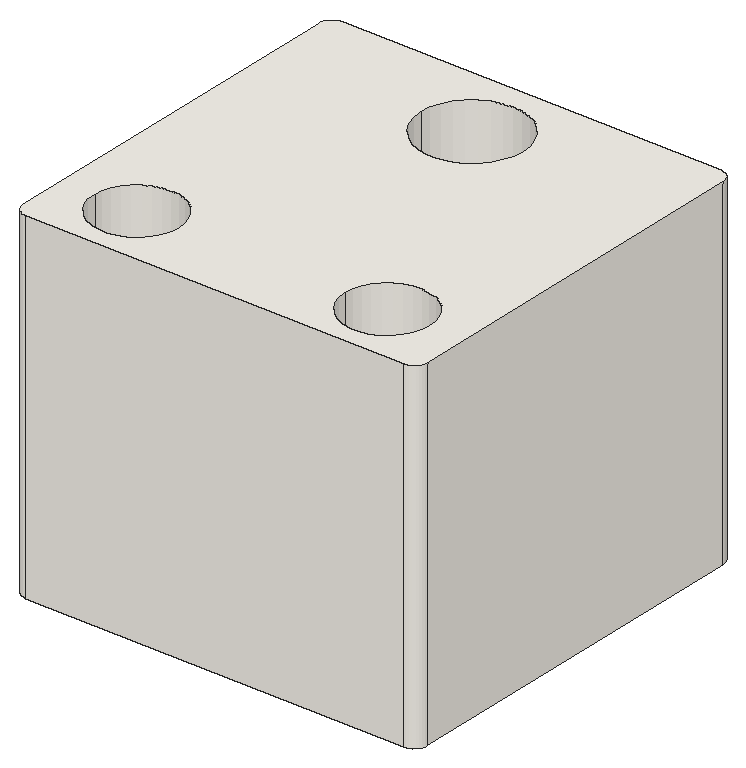
Revit family "Domotics-DomesticRanges-GEWISS-CHORUS_POWER-SOCKET-OUTLET_15A_ENG", category Apparecchi elettrici, host Superficie, Revit 2016
Family settings
  Host = Superficie
  Mantenere orientamento annotazione = Sì
  Tipo di parte = Normale
  Quota connettore circolare = Usa diametro
  Taglio con vuoti quando caricato = Sì
  Condiviso = Sì
  Punto di calcolo locali = Sì
Parameters (values of type "GW14297 - Socket outlet 2M 2P+E 15A uk standard titanium")
  Wiring terminals = "With screw"
  Voltage: = "250 V ac"
  Voltage = "250 V ac"
  Volt = 230 V
  Vista in pianta [instance] = yes
  Version file RFA = "19.0"
  URL = "https://www.gewiss.com/ww/en"
  Tipo = Chorus Prese Eng 15A_GENERICO : GW14297 Presa 2M 2P+T 15A standard Inglese titanio
  Thermo-pressure with ball = "125 °C"
  Terminal tightening capacity rigid cables (mm2) = "min. 0,5 - max. 2x2,5"
  Terminal tightening capacity flexible cables (mm2) = "min. 0,75 - max. 2x4"
  Terminal grip on cable traction = "> 50 N"
  Technical sheet = "https://www.gewiss.com/ww/en/search?q=GW14297"
  TXT ELETTRICO = "15"
  Standard; = "IEC 60884-1"
  Standard: = "British"
  Standard = "UK"
  Simbolo [instance] = yes
  SEO = "Socket outlet"
  Resistance at test voltage = "2000 V at 50 Hz for 1 minute"
  Realized by GEWISS S.p.A. = ""
  Default Elevation = 1219.2 mm
  Prolonged operation (no.of position changes) = "10.000 at In 250 V ac cosØ=0,8"
  Produttore = "GEWISS S.p.A."
  Offset presa [instance] = 0 mm
  Offset bidimensionale [instance] = 2 mm
  No. Chorus modules: = "2"
  No. Chorus modules = "2"
  N. poli = 1
  Modello = "GW14297"
  Insulation resistance = "> 5 MOhm"
  Immagine tipo = GW14297.jpg
  IFC.TypeObject = ""
  IFC.ExportType = ""
  IFC.ExportAs = ""
  IDT = "bb315297-864f-46bd-bb1d-b8419ab8f4ec"
  IDF = "7fc92a14-a9f3-41f2-8c5b-2173d1cdf3f4"
  Glow Wire Test = "850°C"
  For plug pins = "Ø 7 mm"
  Electrocod = "0131"
  EAN code = "8011564266445"
  Distanza_x [instance] = 0 mm
  Distanza_effettiva_x [instance] = 1000 mm - Distanza_x  # 1000 mm
  Descrizione = "SOCKET 2M 2P+E 15A UK STANDARD TITANIUM"
  Description: = "2P+E - 15A"
  Description. = "Socket-outlet"
  Colour = "Titanium"
  Characteristics = "With safety shields"
  Category = "Socket-outlet"
  Catalogue Range = "CHORUS - DOMESTIC RANGE"
  Catalogue = "DOMOTICS"
  Carico apparente = 0 VA
  COBie.Tagnumber = ""
  COBie.CreatedOn = ""
  COBie.CreatebBy = ""
  COBie.ComponentRegisterItemID = ""
  COBie.Component.TagNumber = ""
  COBie.Component.Space = ""
  COBie.Component.SerialNumber = ""
  COBie.Component.InstallationDate = ""
  COBie.Component.Description = ""
  COBie.Component.BarCode = ""
  Breaking capacity: = "1.25 In (100 position changes)"
Types (3, lengths in mm): name | Tipo | Technical sheet | Modello | Immagine tipo | IDT | EAN code | Descrizione | Colour
  GW10297 - Socket outlet 2M 2P+E 15A uk white | Chorus Prese Eng 15A_GENERICO : GW14297 Presa 2M 2P+T 15A standard Inglese titanio | "https://www.gewiss.com/ww/en/search?q=GW10297" | "GW10297" | GW14297.jpg | "90fe132e-886d-4513-b095-7b24fca35318" | "8011564257993" | "S. OUTLET 2M 2P+E 15A UK WHITE" | "White"
  GW12297 - Socket outlet 2M 2P+E 15A uk standard black | Chorus Prese Eng 15A_GENERICO : GW12297 Presa 2M 2P+T 15A standard Inglese nero | "https://www.gewiss.com/ww/en/search?q=GW12297" | "GW12297" | GW12297.jpg | "46d55c2b-21f8-4d8b-8686-089b099d49c4" | "8011564266964" | "SOCKET 2M 2P+E 15A UK STANDARD BLACK" | "Black"
  GW14297 - Socket outlet 2M 2P+E 15A uk standard titanium | Chorus Prese Eng 15A_GENERICO : GW14297 Presa 2M 2P+T 15A standard Inglese titanio | "https://www.gewiss.com/ww/en/search?q=GW14297" | "GW14297" | GW14297.jpg | "bb315297-864f-46bd-bb1d-b8419ab8f4ec" | "8011564266445" | "SOCKET 2M 2P+E 15A UK STANDARD TITANIUM" | "Titanium"
Reference planes
  plane 1 "Centro (Fronte/Retro)": y = 0
  plane 2: z = 0
  plane 3 "Centro (Sinistra/Destra)": x = 0
  plane 4: x = -1000
  plane 5: x = 0
  plane 6: z = 41
  plane 7: z = 0
  plane 8: z = 39
Lines and regions (mm)
  Masking region 1, visible <- "Vista in pianta"
    outline origin (0, 0, 0) x (1, 0, 0) y (0, 1, 0)
      loop
        line (-23, 21) -> (-23, -21)
        arc (-23, -21) -> (-22.561, -22.061) -> (-21.5, -22.5) r 1.5
        line (-21.5, -22.5) -> (21.5, -22.5)
        arc (21.5, -22.5) -> (22.561, -22.061) -> (23, -21) r 1.5
        line (23, -21) -> (23, 21)
        arc (23, 21) -> (22.561, 22.061) -> (21.5, 22.5) r 1.5
        line (21.5, 22.5) -> (-21.5, 22.5)
        arc (-21.5, 22.5) -> (-22.561, 22.061) -> (-23, 21) r 1.5
      loop
        circle (-14.347, -15.701) r 4.831
      loop
        circle (14.199, -15.701) r 4.831
      loop
        circle (-0.074, 14.163) r 5.819
  Masking region 2, visible <- "Vista in pianta"
    outline origin (0, 0, 0) x (1, 0, 0) y (0, 0, 1)
      loop
        line (-23, 39) -> (-23, 0) -> (23, 0) -> (23, 39) -> (-23, 39)
  Masking region 3, visible <- "Vista in pianta"
    outline origin (0, 0, 0) x (0, 1, 0) y (0, 0, 1)
      loop
        line (22.5, 0) -> (22.5, 39) -> (-22.5, 39) -> (-22.5, 0) -> (22.5, 0)
Dimensions and locks
  plane 4 to plane 3 "Centro (Sinistra/Destra)" = 1000 mm
  "Distanza_effettiva_x": plane 4 to plane 5
  "Offset presa": plane 7 to host face
  locked: plane 8 to plane 7 at 39
  "Offset bidimensionale": plane 6 to plane 8
  aligned and locked: plane 2 to host face
  aligned and locked: level to host face
  aligned and locked: plane 5 to nested 1
  aligned and locked: plane 5 to nested 2
  aligned and locked: plane 1 "Centro (Fronte/Retro)" to nested 2
  aligned and locked: plane 7 to nested 2
  aligned and locked: nested 2 to plane 8
  aligned and locked: Masking region 1 sketch curve to nested 2  (x4)
  aligned and locked: plane 6 to import instance
  aligned and locked: Masking region 2 sketch curve to nested 2  (x2)
  aligned and locked: plane 8 to Masking region 2 sketch curve
  aligned and locked: plane 7 to Masking region 2 sketch curve
  aligned and locked: Masking region 3 sketch curve to nested 2  (x2)
  aligned and locked: plane 8 to Masking region 3 sketch curve
  aligned and locked: plane 7 to Masking region 3 sketch curve
Automatic sketch dimensions
  host sketch curve to host sketch curve = 2438.4 mm  (x2)
  Masking region 1 sketch curve to Masking region 1 sketch curve = 1.5 mm  (x4)
  Masking region 1 sketch curve to Masking region 1 sketch curve = 7.153 mm
  Masking region 1 sketch curve to Masking region 1 sketch curve = 5.299 mm  (x2)
  Masking region 1 sketch curve to Masking region 1 sketch curve = 4.831 mm  (x2)
  Masking region 1 sketch curve to Masking region 1 sketch curve = 7.301 mm
  Masking region 1 sketch curve to Masking region 1 sketch curve = 0 mm  (x2)
  Masking region 1 sketch curve to plane 3 "Centro (Sinistra/Destra)" = 0.074 mm
  Masking region 1 sketch curve to plane 1 "Centro (Fronte/Retro)" = 14.163 mm
  Masking region 1 sketch curve to Masking region 1 sketch curve = 5.819 mm
Nested families
  nested 1: "SIMBOLO PRESE" at (0, 100, 0), TESTO ELETTRICO <- "TXT ELETTRICO", SIMBOLO <- "Simbolo", visible <- "Simbolo", type "PRESA"
    with TESTO ELETTRICO "15", SIMBOLO yes, Distanza dal muro 4.208 mm, BORDO ACCESO yes
  nested 2: "Chorus Prese Eng 15A_GENERICO" at (0, 0, 0), type <- "Tipo", type "GW14297 Presa 2M 2P+T 15A standard Inglese titanio", detail levels medium+fine
Connectors
  electrical at (0, 0, 0), driven by "N. poli", driven by "Volt", driven by "Carico apparente"
    settings: on nested 2, index 1, voltage 230 V, apparent load 0 VA, apparent load phase1 0 VA, apparent load phase2 0 VA, apparent load phase3 0 VA, power factor 1, load classification "Altro", number of poles 1, system type 31, power factor state 1, is connector primary yes, connector utility no, sub classification motor no, connector description ""
Definition of nested family "Chorus Prese Eng 15A_GENERICO"
  Parameters (values of type "GW10297 Presa 2M 2P+T 15A standard Inglese bianco")
    Profondità presa = 39 mm
    Finitura Placca British = none
    Altezza da Terra = 750 mm
  Types (3): name
    GW10297 Presa 2M 2P+T 15A standard Inglese bianco
    GW12297 Presa 2M 2P+T 15A standard Inglese nero
    GW14297 Presa 2M 2P+T 15A standard Inglese titanio
  Reference planes
    plane 1 "Centro (Fronte/Retro)": y = 0
    plane 2: z = 0
    plane 3 "Centro (Sinistra/Destra)": x = 0
    plane 4: z = 39
  Forms (mm)
    Extrusion 1, solid, material <- "Finitura Placca British"
      sketch origin (-77.442, -806.244, 7.5) x (1, 0, 0) y (0, 1, 0)
        loop
          arc (55.942, 828.744) -> (54.882, 828.304) -> (54.442, 827.244) r 1.5
          line (54.442, 827.244) -> (54.442, 785.244)
          arc (54.442, 785.244) -> (54.882, 784.183) -> (55.942, 783.744) r 1.5
          line (55.942, 783.744) -> (98.942, 783.744)
          arc (98.942, 783.744) -> (100.003, 784.183) -> (100.442, 785.244) r 1.5
          line (100.442, 785.244) -> (100.442, 827.244)
          arc (100.442, 827.244) -> (100.003, 828.304) -> (98.942, 828.744) r 1.5
          line (98.942, 828.744) -> (55.942, 828.744)
      from 31.5 to -7.5
    Extrusion 2, void
      sketch origin (0, 0, 0) x (1, 0, 0) y (0, 1, 0)
        loop
          circle (-0.074, 14.163) r 5.819
        loop
          circle (-14.347, -15.701) r 4.831
        loop
          circle (14.199, -15.701) r 4.831
      from 29 to 39
  Cuts and joins
    Extrusion 2 cuts Extrusion 1
  Dimensions and locks
    "Profondità presa": plane 4 to level
    aligned and locked: level to plane 2
    aligned and locked: plane 4 to Extrusion 1
    aligned and locked: plane 4 to cut or joined group of Extrusion 1, Extrusion 2
    aligned and locked: cut or joined group of Extrusion 1, Extrusion 2 to plane 4  (x2)
  Automatic sketch dimensions
    Extrusion 1 sketch curve to plane 3 "Centro (Sinistra/Destra)" = 23 mm
    Extrusion 1 sketch curve to Extrusion 1 sketch curve = 1.5 mm  (x3)
    plane 3 "Centro (Sinistra/Destra)" to Extrusion 1 sketch curve = 21.5 mm  (x2)
    plane 1 "Centro (Fronte/Retro)" to Extrusion 1 sketch curve = 22.5 mm
    Extrusion 1 sketch curve to plane 1 "Centro (Fronte/Retro)" = 21 mm
    Extrusion 2 sketch curve to plane 3 "Centro (Sinistra/Destra)" = 0.074 mm
    Extrusion 2 sketch curve to plane 1 "Centro (Fronte/Retro)" = 14.163 mm
    Extrusion 2 sketch curve to Extrusion 2 sketch curve = 5.819 mm
    Extrusion 2 sketch curve to plane 3 "Centro (Sinistra/Destra)" = 14.347 mm
    plane 1 "Centro (Fronte/Retro)" to Extrusion 2 sketch curve = 15.701 mm  (x2)
    Extrusion 2 sketch curve to Extrusion 2 sketch curve = 4.831 mm  (x2)
    Extrusion 2 sketch curve to Extrusion 2 sketch curve = 0 mm  (x2)
    plane 3 "Centro (Sinistra/Destra)" to Extrusion 2 sketch curve = 14.199 mm
Definition of nested family "SIMBOLO PRESE"
  Parameters (values of type "PRESA")
    TESTO ELETTRICO [instance] = "TXT"
    Simbolo = SIMBOLO PRESE_BASE : PRESA
    SIMBOLO [instance] = yes
    Distanza dal muro [instance] = 4.208 mm
    BORDO ACCESO [instance] = yes
  Reference planes
    plane 1: y = 0
    plane 2: x = 0
  Dimensions and locks
    aligned and locked: plane 1 to nested 1
    aligned and locked: plane 2 to nested 1
  Nested families
    nested 1: "SIMBOLO PRESE_BASE" at (0, 0, 0), type <- "Simbolo", TESTO ELETTRICO <- "TESTO ELETTRICO", BORDO ACCESO <- "BORDO ACCESO", visible <- "SIMBOLO", type "PRESA"
      with TESTO ELETTRICO "TXT", BORDO ACCESO yes
  Definition of nested family "SIMBOLO PRESE_BASE"
    Parameters (values of type "PRESA")
      TESTO ELETTRICO [instance] = "TXT"
      Distanza dal muro = 4.208 mm
      BORDO ACCESO [instance] = yes
    Reference planes
      plane 1: y = 0
      plane 2: x = 0
    Lines and regions (mm)
      detail lines, visible <- "BORDO ACCESO", not visible
        curve 1: line (-1.743, 9.208, 0) -> (2.057, 9.208, 0)
        curve 2: line (2.057, 9.208, 0) -> (2.057, 4.208, 0)
        curve 3: line (2.057, 4.208, 0) -> (-1.743, 4.208, 0)
        curve 4: line (-1.743, 4.208, 0) -> (-1.743, 9.208, 0)
        curve 5: line (-1.543, 9.008, 0) -> (1.857, 9.008, 0)
        curve 6: line (1.857, 9.008, 0) -> (1.857, 4.408, 0)
        curve 7: line (1.857, 4.408, 0) -> (-1.543, 4.408, 0)
        curve 8: line (-1.543, 4.408, 0) -> (-1.543, 9.008, 0)
      detail lines
        curve 9: line (0.783, 1.133, 0) -> (-0.783, 1.133, 0)
        curve 10: line (0, 1.133, 0) -> (0, 0.349, 0)
        curve 11: arc (-0.783, 1.916, 0) -> (0, 1.133, 0) -> (0.783, 1.916, 0) r 0.783
    Text (mm)
      label "TXT" at (0.016, 1.578, 0), shows "TESTO ELETTRICO"
